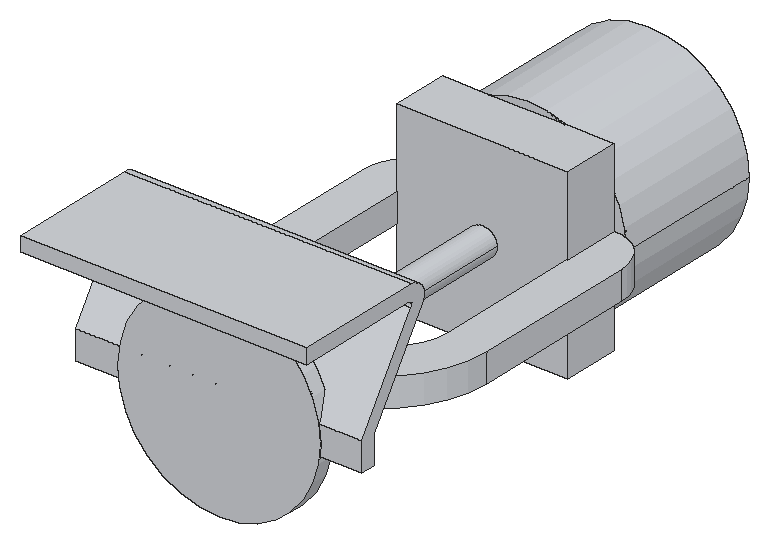
Revit family
Parameters (values of type "RASCO F1FR56 HSW")
  Temperature Rating = 155 °F
  Response = 1
  RASCO SIN # = "RA1435"
  RASCO Part # = "F1FR56H1B"
  Pressure Rating = "175 PSI"
  Pressure Class = (empty or 0)
  Orifice Size = 1/2"
  Orifice = (empty or 0)
  Model = "F1FR56"
  Manufacturer = "RASCO"
  K-Factor = 5.6
  Description = "Bronze Finish"
  Coverage = (empty or 0)
Reference planes (in)
  plane 1 "Center (Front/Back)": y = 0
  plane 2: z = 0
  plane 3 "Center (Left/Right)": x = 0
Dimensions and locks (in)
  aligned and locked: plane 2 to level
Nested families (in)
  nested 1: "F1FR56H1B" at (0, 0, -0.24708), type "RASCO F1FR56 HSW"
Connectors (in)
  piping at (-0.01236, 1.34926, 1.00876)
    settings: on nested 1, index 1, connector radius 115/256", flow factor 0, pipe flow 0 GPM, pressure drop 0.00 psi, fitting loss kfactor 0, connector angle 0.00°, fixture units 0, flow configuration 0, flow direction 0, fitting loss method 0, system type 7, connector reference index -1, connector utility 0, adjustable connector no, is connector primary yes, fitting loss table "", connector description ""
Definition of nested family "F1FR56H1B"
  Parameters (values of type "RASCO F1FR56 HSW")
    Type Comments = ""
    Temperature Rating = 0 °F
    Response = (empty or 0)
    Pressure Rating = "0"
    Pressure Class = (empty or 0)
    Orifice Size = 0"
    Orifice = (empty or 0)
    Model = ""
    Manufacturer = ""
    K-Factor = 0
    Description = ""
    Coverage = (empty or 0)
    Assembly Code = ""
  Reference planes (in)
    plane 1 "Center (Front/Back)": y = 0
    plane 2: z = 0
    plane 3 "ref.2": z = 0.6875
    plane 4 "ref.3": z = 0.9375
    plane 5: x = -0.38065
    plane 6: x = 0.36935
    plane 7 "ref. side 1": y = 0.06402
    plane 8 "ref. side 2": y = -0.06098
    plane 9 "ref.4": z = 1.875
    plane 10 "ref.5": z = 2.3125
    plane 11 "ref.6": z = 2.4375
    plane 12 "center": x = -0.00574
  Forms (in)
    Extrusion 1, solid
      sketch origin (-0.01236, 1.37309, 1.25584) x (-1, 0, 0) y (0, 0, -1)
        loop
          circle (0, 0) r 0.4379
      from 0.02383 to 0.6875
    Extrusion 2, solid
      sketch origin (0.10949, 0.68559, 1.20407) x (-1, 0, 0) y (0, 0, -1)
        loop
          line (-0.2588, 0.356) -> (-0.2588, -0.4565) -> (0.4912, -0.4565) -> (0.4912, 0.356) -> (-0.2588, 0.356)
      from 0 to 0.25
    Extrusion 3, solid
      sketch origin (-0.01236, 1.3722, 1.25584) x (-1, 0, 0) y (0, -1, 0)
        loop
          line (-0.38065, 0.68754) -> (-0.38065, 1.58397)
          arc (-0.38065, 1.58397) -> (-0.29541, 1.78976) -> (-0.08962, 1.875) r 0.29103
          line (-0.08962, 1.875) -> (0.07524, 1.875)
          arc (0.07524, 1.875) -> (0.28321, 1.78886) -> (0.36935, 1.58089) r 0.29411
          line (0.36935, 1.58089) -> (0.36935, 0.68751)
          arc (0.36935, 0.68751) -> (0.50207, 0.74393) -> (0.55685, 0.87734) r 0.18984
          line (0.55685, 0.87734) -> (0.55685, 1.61676)
          arc (0.55685, 1.61676) -> (0.42629, 1.93194) -> (0.11111, 2.0625) r 0.44574
          line (0.11111, 2.0625) -> (-0.12259, 2.0625)
          arc (-0.12259, 2.0625) -> (-0.43765, 1.932) -> (-0.56815, 1.61694) r 0.44556
          line (-0.56815, 1.61694) -> (-0.56815, 0.87876)
          arc (-0.56815, 0.87876) -> (-0.51345, 0.74486) -> (-0.38065, 0.68754) r 0.19126
      from -0.06402 to 0.06098
    Extrusion 4, solid
      sketch origin (-0.01236, 0.43559, 1.25584) x (1, 0, 0) y (0, 0, 1)
        loop
          circle (0.00574, -0.00152) r 0.0625
      from 0 to 0.9375
    Extrusion 5, solid
      sketch origin (-0.01236, -0.50191, 1.25584) x (1, 0, 0) y (0, 0, 1)
        loop
          circle (0.00574, -0.00152) r 0.1875
      from 0 to 0.4375
    Extrusion 6, solid
      sketch origin (-0.01236, -0.89954, 1.2504) x (-1, 0, 0) y (0, 0, 1)
        loop
          circle (-0.00574, -0.00152) r 0.44275
      from -0.10531 to -0.03987
    Extrusion 7, solid
      sketch origin (-0.00662, 1.2679, 1.26334) x (0, -1, 0) y (0, 0, 1)
        loop
          line (2.27263, -0.06402) -> (2.27263, 0.06098) -> (2.00466, 0.4658)
          arc (2.00466, 0.4658) -> (2.00382, 0.48409) -> (2.01953, 0.49348) r 0.01783
          line (2.01953, 0.49348) -> (2.57559, 0.49348) -> (2.57559, 0.55848) -> (2.00257, 0.55848)
          arc (2.00257, 0.55848) -> (1.94355, 0.52319) -> (1.9467, 0.4545) r 0.067
          line (1.9467, 0.4545) -> (2.20719, 0.06098) -> (2.20719, -0.06402) -> (2.27263, -0.06402)
      from -0.62515 to 0.62904
  Cuts and joins
    joined: Extrusion 1, Extrusion 2, Extrusion 4
